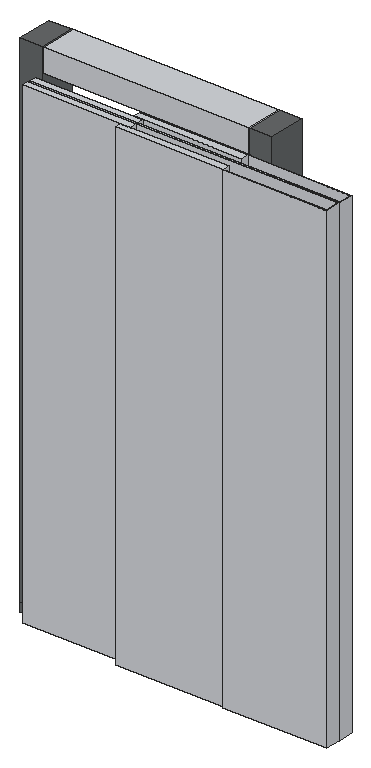
Revit family "AVLN_Дверь_Лифтовая", category Двери, Revit 2021
Family settings
  Основа = Стена
  Всегда вертикально = Да
  При загрузке вырезать с полостями = Нет
  Общий = Нет
  Точка принадлежности помещению = Да
Parameters (values of type "1100х2200h")
  Ширина створки двери = Width / 2 - Зазор_Дверь_ЛевоПраво  # 450 mm
  Функция = Наружные слои
  Углубление [instance] = if(AR_Углубление > 0 mm, AR_Углубление, 5 mm)  # 40 mm
  Толщина = Полотно.Толщина  # 30 mm
  Стандарт = ""
  Полотно.Ширина = Rough Width - Коробка. Высота * 2  # -3300 mm
  Полотно.Рама.Низ.Ширина = 800 mm
  Полотно.Толщина = 30 mm
  Определить тепловые свойства по = Тип схем
  Описание = "D"
  Огнестойкость = "-"
  Материал полотна = none
  Материал коробки = ADSK_Металл_RAL7021
  Марка экземпляра [instance] = "Д-"
  Коробка. Высота = Height + Зазор_Дверь_Верх  # 2200 mm
  Assembly Code = ""
  Каталог = ""
  Width = 1100 mm
  Зазор_Дверь_ЛевоПраво = 100 mm
  Зазор_Дверь_Верх = 100 mm
  Видимость_Коробка [instance] = yes
  Видимость_Дверь [instance] = yes
  Видимость_AR_Углубление [instance] = AR_Углубление > 0 mm  # yes
  Аналитическая конструкция = "<Нет>"
  АВЛН_Проем_Ширина [instance] = Width  # 1100 mm
  URL = ""
  Комментарии к типоразмеру = "Дверь лифта"
  Rough Width = Width  # 1100 mm
  Rough Height = Height  # 2100 mm
  Группа модели = "Дверь в стене"
  Замыкание стены = По основе
  Height = 2100 mm
  BS_Проем_Ширина [instance] = Width  # 1100 mm
  BS_Проем_Площадь_ для отделки [instance] = Width * Height  # 2.31 m²
  BS_Проем_Высота [instance] = Height  # 2100 mm
  AR_Углубление [instance] = 40 mm
  AR_Толщина стены [instance] = 160 mm
  AR_Отметка от плиты [instance] = Height + Углубление  # 2140 mm
Reference planes
  plane 1 "Центр (Слева/Справа)": x = 0
  plane 2 "Слева": x = -550
  plane 3 "Справа": x = 550
  plane 4 "Снаружи": y = 80
  plane 5 "Изнутри": y = -80
  plane 6 "Уровень": z = 0
  plane 7 "Сверху": z = 2100
  plane 8 "Углубление": z = -40
  plane 9 "Зазор слева": x = -450
  plane 10 "Зазор справа": x = 450
  plane 11 "Зазор сверху": z = 2200
  plane 12 "Смещение порога": z = 0
  plane 13 "Полотно снизу": z = 0
  plane 14 "Центр полотна по вертикали": z = 1025
Forms (mm)
  Extrusion 1, void
    sketch origin (0, 190, 0) x (1, 0, 0) y (0, 0, 1)
      loop
        line (-550, -40) -> (550, -40) -> (550, 2200) -> (-550, 2200) -> (-550, -40)
    from 0 to 530
  Extrusion 2, solid, material "ADSK_Металл_RAL7021" <- "Материал коробки", visible <- "Видимость_Коробка", detail levels medium+fine
    sketch origin (0, 0, -40) x (0, -1, 0) y (1, 0, 0)
      loop
        line (-80, -550) -> (80, -550) -> (80, 550) -> (-80, 550) -> (-80, -550)
    from 0 to 40 <- "Углубление"
  Extrusion 3, solid, material "ADSK_Металл_RAL7021" <- "Материал коробки", visible <- "Видимость_Коробка"
    sketch origin (0, 0, 0) x (1, 0, 0) y (0, 1, 0)
      loop
        line (-450, 80) -> (-550, 80) -> (-550, -80) -> (-450, -80) -> (-450, 80)
    from 0 to 2200 <- "Коробка. Высота"
  Extrusion 4, solid, material "ADSK_Металл_RAL7021" <- "Материал коробки", visible <- "Видимость_Коробка"
    sketch origin (740, 0, 0) x (1, 0, 0) y (0, 1, 0)
      loop
        line (-190, 80) -> (-290, 80) -> (-290, -80) -> (-190, -80) -> (-190, 80)
    from 0 to 2200 <- "Коробка. Высота"
  Extrusion 5, solid, visible <- "Видимость_Коробка", detail levels medium+fine
    sketch origin (0, 0, 2100) x (0, -1, 0) y (1, 0, 0)
      loop
        line (-80, -450) -> (80, -450) -> (80, 450) -> (-80, 450) -> (-80, -450)
    from 0 to 100 <- "Зазор_Дверь_Верх"
  Extrusion 6, solid, material <- "Материал полотна", visible <- "Видимость_Дверь", detail levels medium+fine
    sketch origin (0, 0, 0) x (1, 0, 0) y (0, 1, 0)
      loop
        line (450, -90) -> (-20, -90) -> (-20, -120) -> (450, -120) -> (450, -90)
    from 0 to 2100 <- "Height"
  Extrusion 7, solid, material <- "Материал полотна", visible <- "Видимость_Дверь", detail levels medium+fine
    sketch origin (-515.354, -100.175, 0) x (1, 0, 0) y (0, 1, 0)
      loop
        line (535.354, -19.825) -> (65.354, -19.825) -> (65.354, -49.825) -> (535.354, -49.825) -> (535.354, -19.825)
    from 0 to 2100 <- "Height"
  Extrusion 8, solid, material <- "Материал полотна", visible <- "Видимость_Дверь", detail levels medium+fine
    sketch origin (-515.354, -140.175, 0) x (1, 0, 0) y (0, 1, 0)
      loop
        line (535.354, -19.825) -> (65.354, -19.825) -> (65.354, -49.825) -> (535.354, -49.825) -> (535.354, -19.825)
    from 0 to 2100 <- "Height"
  Extrusion 9, solid, material <- "Материал полотна", visible <- "Видимость_Дверь", detail levels medium+fine
    sketch origin (0, -245, 0) x (1, 0, 0) y (0, 1, 0)
      loop
        line (450, 55) -> (-20, 55) -> (-20, 25) -> (450, 25) -> (450, 55)
    from 0 to 2100 <- "Height"
  Extrusion 10, solid, visible <- "Видимость_Дверь", detail levels medium+fine
    sketch origin (0, 0, 0) x (1, 0, 0) y (0, 1, 0)
      loop
        line (450, -90) -> (900, -90) -> (900, -150) -> (20, -150) -> (20, -153) -> (903, -153) -> (903, -87) -> (450, -87) -> (450, -90)
    from 0 to 2100 <- "Height"
  Extrusion 11, solid, visible <- "Видимость_Дверь", detail levels medium+fine
    sketch origin (0, -400, 0) x (1, 0, 0) y (0, 1, 0)
      loop
        line (450, 180) -> (450, 177) -> (903, 177) -> (903, 243) -> (20, 243) -> (20, 240) -> (900, 240) -> (900, 180) -> (450, 180)
    from 0 to 2100 <- "Height"
Text (mm)
  text "Снаружи" at (-2295.016, 399.141, 0), in view "Уровень"
  text "Снуружи" at (0, 295.498, -116.183), in view "Справа"
  text "Положение:\nТочка вставки соответствует пересечению опорных плоскостей.\n\nОтображение:\nДля удобства отображения семейств, при просмотре, рекомендуется скрывать «Категории пояснительных элементов» в меню «Вид -> Видимость/Графика» путем снятия галочки «Показывать категории…»" at (2193.583, -541.207, 0), in view "Уровень"
  text "Снуружи" at (0, 295.498, -116.183), in view "Слева"
Dimensions and locks
  locked: plane 4 "Снаружи" to host wall
  locked: plane 5 "Изнутри" to host wall
  "Width": plane 2 "Слева" to plane 3 "Справа"
  equal spacing: plane 2 "Слева", plane 1 "Центр (Слева/Справа)", plane 3 "Справа"
  "Height": plane 7 "Сверху" to plane 6 "Уровень"
  "AR_Углубление": plane 6 "Уровень" to plane 8 "Углубление"
  plane 2 "Слева" to plane 9 "Зазор слева" = 100 mm
  plane 10 "Зазор справа" to plane 3 "Справа" = 100 mm
  plane 11 "Зазор сверху" to plane 7 "Сверху" = 100 mm
  plane 6 "Уровень" to plane 12 "Смещение порога" = 0 mm
  plane 14 "Центр полотна по вертикали" to plane 13 "Полотно снизу" = 1025 mm
  "AR_Толщина стены": host wall to host wall
  "Зазор_Дверь_ЛевоПраво": plane 2 "Слева" to plane 9 "Зазор слева"
  "Зазор_Дверь_ЛевоПраво": plane 10 "Зазор справа" to plane 3 "Справа"
  "Зазор_Дверь_Верх": plane 7 "Сверху" to plane 11 "Зазор сверху"
  locked: Extrusion 6 sketch curve to plane 5 "Изнутри" at 10
  "Полотно.Толщина": Extrusion 6 sketch curve to Extrusion 6 sketch curve
  Extrusion 6 sketch curve to plane 1 "Центр (Слева/Справа)" = 20 mm
  "Полотно.Толщина": Extrusion 7 sketch curve to Extrusion 7 sketch curve
  locked: plane 1 "Центр (Слева/Справа)" to Extrusion 7 sketch curve at 20
  "Полотно.Толщина": Extrusion 8 sketch curve to Extrusion 8 sketch curve
  locked: Extrusion 8 to Extrusion 7 at 10
  "Полотно.Толщина": Extrusion 9 sketch curve to Extrusion 9 sketch curve
  locked: Extrusion 9 sketch curve to plane 1 "Центр (Слева/Справа)" at 20
  "Ширина створки двери": plane 10 "Зазор справа" to Extrusion 10 sketch curve
  locked: Extrusion 10 sketch curve to Extrusion 10 sketch curve at 3  (x3)
  locked: Extrusion 11 sketch curve to Extrusion 11 sketch curve at 3  (x3)
  "Ширина створки двери": plane 10 "Зазор справа" to Extrusion 11 sketch curve
  aligned and locked: plane 6 "Уровень" to plane 13 "Полотно снизу"
  aligned and locked: plane 8 "Углубление" to Extrusion 1 sketch curve
  aligned and locked: plane 2 "Слева" to Extrusion 1 sketch curve
  aligned and locked: plane 3 "Справа" to Extrusion 1 sketch curve
  aligned and locked: plane 11 "Зазор сверху" to Extrusion 1 sketch curve
  aligned and locked: Extrusion 2 sketch curve to plane 2 "Слева"
  aligned and locked: plane 3 "Справа" to Extrusion 2 sketch curve
  aligned and locked: Extrusion 2 sketch curve to host wall  (x2)
  aligned and locked: plane 2 "Слева" to Extrusion 3 sketch curve
  aligned and locked: Extrusion 3 sketch curve to plane 4 "Снаружи"
  aligned and locked: plane 5 "Изнутри" to Extrusion 3 sketch curve
  aligned and locked: Extrusion 3 sketch curve to plane 9 "Зазор слева"
  aligned and locked: Extrusion 4 sketch curve to plane 3 "Справа"
  aligned and locked: Extrusion 4 sketch curve to plane 10 "Зазор справа"
  aligned and locked: host wall to Extrusion 4 sketch curve  (x2)
  aligned and locked: Extrusion 5 sketch curve to plane 9 "Зазор слева"
  aligned and locked: Extrusion 5 sketch curve to plane 10 "Зазор справа"
  aligned and locked: Extrusion 5 sketch curve to host wall  (x2)
  aligned and locked: plane 10 "Зазор справа" to Extrusion 6 sketch curve
  aligned and locked: Extrusion 7 to Extrusion 6
  aligned and locked: plane 9 "Зазор слева" to Extrusion 7 sketch curve
  aligned and locked: Extrusion 9 to Extrusion 8
  aligned and locked: plane 10 "Зазор справа" to Extrusion 9 sketch curve
  aligned and locked: Extrusion 10 sketch curve to Extrusion 6
  aligned and locked: Extrusion 7 to Extrusion 10 sketch curve
  aligned and locked: Extrusion 10 sketch curve to Extrusion 7
  aligned and locked: plane 10 "Зазор справа" to Extrusion 10 sketch curve
  aligned and locked: Extrusion 11 sketch curve to Extrusion 8  (x2)
  aligned and locked: Extrusion 11 sketch curve to Extrusion 9
  aligned and locked: Extrusion 11 sketch curve to plane 10 "Зазор справа"
Automatic sketch dimensions
  host wall to Extrusion 7 sketch curve = 70 mm
  Extrusion 8 sketch curve to plane 9 "Зазор слева" = 0 mm
  plane 1 "Центр (Слева/Справа)" to Extrusion 8 sketch curve = 20 mm
  host wall to Extrusion 8 sketch curve = 110 mm
  host wall to Extrusion 9 sketch curve = 140 mm
